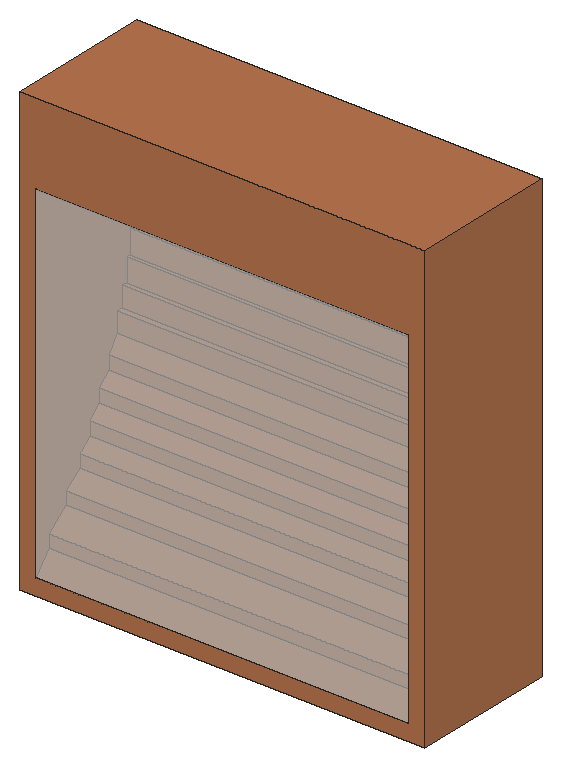
Revit family "BH2_Recessed Wall Mounted Luminaire", category Lighting Fixtures, Revit 2013
Parameters (values of type "1X26w")
  Wattage = 36 W
  built-in parameter 1150110 = 1 (stored number, unit not read)
  built-in parameter 1114217 = 1 (stored number, unit not read)
  Tilt Angle = 180.00°
  built-in parameter 1150109 = 1 (stored number, unit not read)
  built-in parameter 1150134 = 3
  built-in parameter 1150113 = 1 (stored number, unit not read)
  built-in parameter 1010507 = 0.7854 (stored number, unit not read)
  built-in parameter 1010506 = 0.7854 (stored number, unit not read)
  Model = ""
  Material = Bright
  Manufacturer = ""
  built-in parameter 1150105 = 7379.5 (stored number, unit not read)
  Lumens = 1789.56 lm
  built-in parameter 1150115 = 1 (stored number, unit not read)
  Load Classification = Ltg
  Light Type [instance] = "BH2"
  built-in parameter 1150131 = 3048 mm
  built-in parameter 1150137 = (empty or 0)
  built-in parameter 1150139 = (empty or 0)
  Light Body = Light Body
  built-in parameter 1150112 = 1 (stored number, unit not read)
  built-in parameter 1150114 = 1 (stored number, unit not read)
  Lamp = "1x26W"
  built-in parameter 1150132 = (empty or 0)
  built-in parameter 1150102 = (empty or 0)
  built-in parameter 1150107 = 4230 (stored number, unit not read)
  built-in parameter 1150138 = (empty or 0)
  built-in parameter 1150106 = 73.795 (stored number, unit not read)
  Emit from Circle Diameter = 1000 mm
  Emit Shape Visible in Rendering = no
  built-in parameter 1150104 = 4.6182 (stored number, unit not read)
  Dimming Lamp Color Temperature Shift = <None>
  Color Filter = 16777215
  Body = Whitecroft Lighting_Steel_White_RAL9003
  built-in parameter 1114218 = 1 (stored number, unit not read)
  Light Source Symbol Length = 3048 mm
  Apparent Load = 26 W
Reference planes
  plane 1 "Light Source Axis (F/B)": y = 0
  plane 2: z = 0
  plane 3 "Light Source Axis (L/R)": x = 0
  plane 4 "Light Source Elevation": z = 275
  plane 5 "Fr": y = -10
  plane 6: y = 80
  plane 7: x = -124.408
  plane 8: x = 125.592
  plane 9: x = -114.408
  plane 10 "rt": x = 115.592
  plane 11: y = 70
  plane 12: z = 10
  plane 13: z = 225
Forms (mm)
  Extrusion 1, solid, material "Light Body"
    sketch origin (0, -10, 0) x (-1, 0, 0) y (0, 0, 1)
      loop
        line (124.408, 0) -> (124.408, 275) -> (-125.592, 275) -> (-125.592, 0) -> (124.408, 0)
    from 0 to 90
  Extrusion 2, void
    sketch origin (115.592, 0, 0) x (0, 1, 0) y (0, 0, 1)
      loop
        line (-10, 225) -> (-10, 10) -> (0, 22.032) -> (0, 30.032) -> (13.14, 40.299) -> (13.14, 47.855) -> (23.476, 55.93) -> (23.476, 63.93) -> (31.648, 70.315) -> (31.648, 78.315) -> (38.72, 85.386) -> (38.72, 93.386) -> (45.859, 100.526) -> (45.859, 108.526) -> (52.36, 117.81) -> (52.36, 130.15) -> (56.331, 130.15) -> (56.331, 142.478) -> (59.764, 142.478) -> (59.764, 156.438) -> (62.604, 156.438) -> (62.604, 171.637) -> (65.857, 171.637) -> (65.857, 186.637) -> (67.92, 186.637)
        arc (67.92, 186.637) -> (69.529, 205.788) -> (70, 225) r 324.479
        line (70, 225) -> (-10, 225)
    from 0 to -230
  Extrusion 3, solid, material "Bright" <- "Material"
    sketch origin (0, 0, 0) x (1, 0, 0) y (0, 0, 1)
      loop
        line (-114.408, 10) -> (115.592, 10) -> (115.592, 225) -> (-114.408, 225) -> (-114.408, 10)
    from 5 to 10
Cuts and joins
  Extrusion 2 cuts Extrusion 1
Dimensions and locks
  plane 1 "Light Source Axis (F/B)" to plane 5 "Fr" = 10 mm
  plane 1 "Light Source Axis (F/B)" to plane 6 = 80 mm
  plane 7 to imposter light = 125 mm
  imposter light to plane 8 = 125 mm
  aligned and locked: level to plane 2
Nested families
  nested 1: "EL_BH2" at (0, 80, 0), type "EL_BH2"
Connectors
  electrical at (0.592, 80, 137.5), driven by "Load Classification"
    settings: on cut or joined group of Extrusion 1, Extrusion 2, index 1, voltage 230 V, apparent load 0 W, apparent load phase1 26 W, apparent load phase2 0 W, apparent load phase3 0 W, power factor 0.9, load classification "Ltg", number of poles 1, system type 31, power factor state 1, is connector primary yes, connector utility no, sub classification motor no, connector description ""
Definition of nested family "EL_BH2"
  Reference planes
    plane 1: y = 0
    plane 2: x = 0
  Lines and regions (mm)
    detail lines, style "Lighting Symbols"
      curve 1: line (3, 0, 0) -> (-3, 0, 0)
      curve 2: line (-3, 0, 0) -> (-3, -2, 0)
      curve 3: line (-3, -2, 0) -> (3, -2, 0)
      curve 4: line (3, -2, 0) -> (3, 0, 0)
